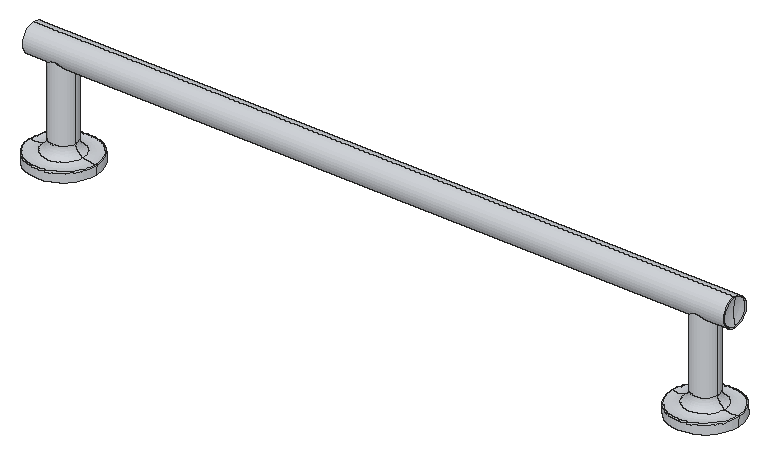
Revit family "Accessory-Towel_Bar-KOHLER-Purist-K-14435", category Generic Models, host Face, Revit 2015
Parameters (values of type "CP-Polished Chrome")
  Width = 1 7/8"  # constant formula
  URL = "https://www.us.kohler.com/us/"
  Type = 1
  Product Page URL = "http://www.us.kohler.com/us/catalog/productDetails.jsp?productNumber=14435"
  Product Name = "Purist"  # constant formula
  Product Documentation Link = "http://www.us.kohler.com/onlinecatalog/pdf/K-14435_spec.pdf"
  Model = if(Type = 1, "K-14435-CP", if(Type = 2, "K-14435-SN", if(Type = 3, "K-14435-BGD", if(Type = 4, "K-14435-BN", if(Type = 5, "K-14435-BV", if(Type = 6, "K-14435-RGD", "NA"))))))  # "K-14435-CP"
  Material = "Solid Brass Construction"  # constant formula
  MasterFormat 2004 = "10.28.13"  # constant formula
  MasterFormat 1995 = "10820"  # constant formula
  Manufacturer Address = "444 Highland Dr, Kohler, WI 53044"  # constant formula
  Manufacturer = "KOHLER Co."  # constant formula
  Length = 19 7/8"  # constant formula
  Height = 3 7/32"  # constant formula
  Finish = Kohler-Metal-CP-Polished_Chrome
  Environmental Product Declaration = ""
  Description = "18inch towel bar"  # constant formula
  Default Elevation = 42"
  Declare Label = ""
  Date Modified = "11/22/2017"  # constant formula
  Date Created = "11/22/2017"  # constant formula
  Copyright = "Copyright KOHLER Co."  # constant formula
  Contact Us = "https://www.us.kohler.com/us/static/contact.jsp"
  Assembly Code = "C1030200"
  ADA = no
Types (7): name | Type | Model | Finish
  (no name) | 1 | "K-14435-CP" | Kohler-Metal-CP-Polished_Chrome
  CP-Polished Chrome | 1 | "K-14435-CP" | Kohler-Metal-CP-Polished_Chrome
  SN-Vibrant Polished Nickel | 2 | "K-14435-SN" | Kohler-Metal-SN-Vibrant_Polished_Nickel
  BGD-Vibrant Moderne Brushed Gold | 3 | "K-14435-BGD" | Kohler-Metal-BGD-Vibrant_Moderne_Brushed_Gold
  BN-Vibrant Brushed Nickel | 4 | "K-14435-BN" | Kohler-Metal-BN-Vibrant_Brushed_Nickel
  BV-Vibrant Brushed Bronze | 5 | "K-14435-BV" | Kohler-Metal-BV-Brushed_Bronze
  RGD-Vibrant Rose Gold | 6 | "K-14435-RGD" | Kohler-Metal-RGD-Polished_Rose_Gold
Reference planes (in)
  plane 1 "Center (Front/Back)": y = 0
  plane 2: z = 0
  plane 3 "Center (Left/Right)": x = 0
  plane 4: y = 0.94488
  plane 5: x = -9.94488
  plane 6: x = 9.93012
  plane 7: y = -0.93012
  plane 8: z = 3.21875
Dimensions and locks (in)
  "Width": plane 7 to plane 4
  "Length": plane 5 to plane 6
  "Height": plane 8 to level
  aligned and locked: plane 2 to host face
  aligned and locked: level to host face
Automatic sketch dimensions
  host sketch curve to host sketch curve = 96"  (x2)
Nested families (in)
  nested 1: "K-14435" at (0, 0, 0), type "K-14435"
Definition of nested family "K-14435"
  Parameters (values of type "K-14435")
    Material = none
    Half Length1 = Half Length + 199/256"  # 9 199/256"
    Half Length = 9"
  Reference planes (in)
    plane 1 "Center (Front/Back)": y = 0
    plane 2: z = 0
    plane 3 "Center (Left/Right)": x = 0
  Forms (in)
    Revolve 1, solid, material <- "Material"
      sketch origin (0, 0, 0) x (1, 0, 0) y (0, 0, 1)
        loop
          line (-9, 0) -> (-9, 2.73517) -> (-9.35433, 2.73517) -> (-9.35433, 0.58856)
          arc (-9.35433, 0.58856) -> (-9.40673, 0.41139) -> (-9.54706, 0.29121) r 0.32574
          arc (-9.54706, 0.29121) -> (-9.73143, 0.24256) -> (-9.92168, 0.25538) r 0.58881
          arc (-9.92168, 0.25538) -> (-9.93773, 0.25179) -> (-9.94488, 0.23698) r 0.01889
          line (-9.94488, 0.23698) -> (-9.94488, 0) -> (-9, 0)
        axis (-9, 2.73517) -> (-9, 0)
      angle from 0 to 360
    Revolve 2, solid, material <- "Material"
      sketch origin (0, 0, 0) x (-1, 0, 0) y (0, 0, 1)
        loop
          line (-9, 0) -> (-9, 2.73517) -> (-9.35433, 2.73517) -> (-9.35433, 0.58856)
          arc (-9.35433, 0.58856) -> (-9.40673, 0.41139) -> (-9.54706, 0.29121) r 0.32574
          arc (-9.54706, 0.29121) -> (-9.73143, 0.24256) -> (-9.92168, 0.25538) r 0.58881
          arc (-9.92168, 0.25538) -> (-9.93773, 0.25179) -> (-9.94488, 0.23698) r 0.01889
          line (-9.94488, 0.23698) -> (-9.94488, 0) -> (-9, 0)
        axis (-9, 2.73517) -> (-9, 0)
      angle from 0 to 360
    Revolve 3, solid, material <- "Material"
      sketch origin (0, 0, 0) x (1, 0, 0) y (0, 0, 1)
        loop
          line (-9.82816, 3.22695) -> (-9.82816, 3.19616)
          arc (-9.82816, 3.19616) -> (-9.79011, 3.01648) -> (-9.77734, 2.83325) r 1.32131
          line (-9.77734, 2.83325) -> (9.77734, 2.83325)
          arc (9.77734, 2.83325) -> (9.79011, 3.01648) -> (9.82816, 3.19616) r 1.32131
          line (9.82816, 3.19616) -> (9.82816, 3.22695) -> (-9.82816, 3.22695)
        axis (9.82816, 2.83325) -> (-9.82816, 2.83325)
      angle from 0 to 360
  Cuts and joins
    joined: Revolve 1, Revolve 2, Revolve 3
  Lines and regions (in)
    Masking region 1
      outline origin (0, 0, 0) x (1, 0, 0) y (0, 0, 1)
        loop
          line (-9.82816, 3.22695) -> (-9.82816, 2.43955) -> (-9.35433, 2.43955) -> (-9.35433, 0.59248)
          arc (-9.35433, 0.59248) -> (-9.45292, 0.35447) -> (-9.69093, 0.25588) r 0.3366
          line (-9.69093, 0.25588) -> (-9.92531, 0.25588)
          arc (-9.92531, 0.25588) -> (-9.93915, 0.25015) -> (-9.94488, 0.23631) r 0.01957
          line (-9.94488, 0.23631) -> (-9.94488, 0) -> (-8.05512, 0) -> (-8.05512, 0.23631)
          arc (-8.05512, 0.23631) -> (-8.06085, 0.25015) -> (-8.07469, 0.25588) r 0.01957
          line (-8.07469, 0.25588) -> (-8.30907, 0.25588)
          arc (-8.30907, 0.25588) -> (-8.54708, 0.35447) -> (-8.64567, 0.59248) r 0.3366
          line (-8.64567, 0.59248) -> (-8.64567, 2.43955) -> (8.64567, 2.43955) -> (8.64567, 0.59248)
          arc (8.64567, 0.59248) -> (8.54708, 0.35447) -> (8.30907, 0.25588) r 0.3366
          line (8.30907, 0.25588) -> (8.07469, 0.25588)
          arc (8.07469, 0.25588) -> (8.06085, 0.25015) -> (8.05512, 0.23631) r 0.01957
          line (8.05512, 0.23631) -> (8.05512, 0) -> (9.94488, 0) -> (9.94488, 0.23631)
          arc (9.94488, 0.23631) -> (9.93915, 0.25015) -> (9.92531, 0.25588) r 0.01957
          line (9.92531, 0.25588) -> (9.69093, 0.25588)
          arc (9.69093, 0.25588) -> (9.45292, 0.35447) -> (9.35433, 0.59248) r 0.3366
          line (9.35433, 0.59248) -> (9.35433, 2.43955) -> (9.82816, 2.43955) -> (9.82816, 3.22695) -> (-9.82816, 3.22695)
    Masking region 2
      outline origin (0, 0, 0) x (0, 1, 0) y (0, 0, 1)
        loop
          line (-0.94488, 0) -> (0.94488, 0) -> (0.94488, 0.23572)
          arc (0.94488, 0.23572) -> (0.93902, 0.24987) -> (0.92487, 0.25573) r 0.02002
          line (0.92487, 0.25573) -> (0.69127, 0.25573)
          arc (0.69127, 0.25573) -> (0.45302, 0.35442) -> (0.35433, 0.59268) r 0.33694
          line (0.35433, 0.59268) -> (0.35433, 2.66164)
          arc (0.35433, 2.66164) -> (0, 3.22695) -> (-0.35433, 2.66164) r 0.3937
          line (-0.35433, 2.66164) -> (-0.35433, 0.59268)
          arc (-0.35433, 0.59268) -> (-0.45302, 0.35442) -> (-0.69127, 0.25573) r 0.33694
          line (-0.69127, 0.25573) -> (-0.92487, 0.25573)
          arc (-0.92487, 0.25573) -> (-0.93902, 0.24987) -> (-0.94488, 0.23572) r 0.02002
          line (-0.94488, 0.23572) -> (-0.94488, 0)
    Masking region 3
      outline origin (0, 0, 0) x (1, 0, 0) y (0, 1, 0)
        loop
          line (-8.14105, -0.3937) -> (8.14105, -0.3937)
          arc (8.14105, -0.3937) -> (9.94488, 0) -> (8.14105, 0.3937) r 0.94488
          line (8.14105, 0.3937) -> (-8.14105, 0.3937)
          arc (-8.14105, 0.3937) -> (-9.94488, 0) -> (-8.14105, -0.3937) r 0.94488
    symbolic lines, detail levels medium+fine
      curve 1: line (-8.64567, 0, 2.43955) -> (-9.35433, 0, 2.43955)
      curve 2: line (8.64567, 0, 2.43955) -> (9.35433, 0, 2.43955)
      curve 3: line (-9.69093, 0, 0.25588) -> (-8.30907, 0, 0.25588)
      curve 4: line (8.30907, 0, 0.25588) -> (9.69093, 0, 0.25588)
      curve 5: circle (0, 0, 2.83325) r 0.36291 normal (1, 0, 0)
      curve 6: line (0, 0.69127, 0.25573) -> (0, -0.69127, 0.25573)
      curve 7: arc (0, 0.35433, 2.66164) -> (0, -0.01064, 2.43969) -> (0, -0.36309, 2.68104) r 0.3937
      curve 8: line (-9.82816, 0.3937, 0) -> (-9.82816, -0.3937, 0)
      curve 9: line (9.82816, 0.3937, 0) -> (9.82816, -0.3937, 0)
      curve 10: line (-9.82816, 0.3937, 0) -> (-8.14105, 0.3937, 0)
      curve 11: line (9.82816, 0.3937, 0) -> (8.14105, 0.3937, 0)
      curve 12: line (-9.82816, -0.3937, 0) -> (-8.14105, -0.3937, 0)
      curve 13: line (9.82816, -0.3937, 0) -> (8.14105, -0.3937, 0)
  Dimensions and locks (in)
    "Half Length": Revolve 1 sketch curve to plane 3 "Center (Left/Right)"
    "Half Length": Revolve 2 sketch curve to plane 3 "Center (Left/Right)"
    "Half Length1": plane 3 "Center (Left/Right)" to Revolve 3 sketch curve
    equal spacing: Revolve 3 sketch curve, plane 3 "Center (Left/Right)", Revolve 3 sketch curve
    aligned and locked: plane 2 to level
    aligned and locked: Revolve 1 sketch curve to Revolve 1 sketch curve  (x2)
    aligned and locked: Revolve 2 sketch curve to Revolve 2 sketch curve  (x2)
    aligned and locked: Masking region 1 sketch curve to cut or joined group of Revolve 1, Revolve 2, Revolve 3  (x9)
    aligned and locked: curve 3 to Masking region 1  (x2)
    aligned and locked: curve 4 to Masking region 1  (x2)
    aligned and locked: Masking region 3 sketch curve to cut or joined group of Revolve 1, Revolve 2, Revolve 3  (x2)
    aligned and locked: curve 8 to cut or joined group of Revolve 1, Revolve 2, Revolve 3
    aligned and locked: curve 9 to cut or joined group of Revolve 1, Revolve 2, Revolve 3
    aligned and locked: curve 10 to Masking region 3
    aligned and locked: curve 11 to Masking region 3
  Automatic sketch dimensions
    Revolve 1 sketch curve to level = 0"
    Revolve 1 sketch curve to Revolve 1 sketch curve = 0.35433"
    Revolve 1 sketch curve to Revolve 1 sketch curve = 0.32574"
    Revolve 1 sketch curve to Revolve 1 sketch curve = 0.10742"
    Revolve 1 sketch curve to Revolve 1 sketch curve = 0.24591"
    Revolve 1 sketch curve to Revolve 1 sketch curve = 0.01889"
    level to Revolve 1 sketch curve = 0.23698"
    Revolve 1 sketch curve to Revolve 1 sketch curve = 45/128"
    Revolve 1 sketch curve to Revolve 1 sketch curve = 0.24014"
    Revolve 1 sketch curve to Revolve 1 sketch curve = 1.90647"
    Revolve 1 sketch curve to Revolve 1 sketch curve = 0"
    Revolve 1 sketch curve to level = 1/2"
    Revolve 2 sketch curve to level = 0"
    Revolve 2 sketch curve to Revolve 2 sketch curve = 0.35433"
    Revolve 2 sketch curve to Revolve 2 sketch curve = 0.32574"
    Revolve 2 sketch curve to Revolve 2 sketch curve = 0.10742"
    Revolve 2 sketch curve to Revolve 2 sketch curve = 0.24591"
    Revolve 2 sketch curve to Revolve 2 sketch curve = 0.01889"
    Revolve 2 sketch curve to level = 0.23698"
    Revolve 2 sketch curve to Revolve 2 sketch curve = 45/128"
    Revolve 2 sketch curve to Revolve 2 sketch curve = 0.24014"
    Revolve 2 sketch curve to Revolve 2 sketch curve = 1.90647"
    Revolve 2 sketch curve to Revolve 2 sketch curve = 0"
    level to Revolve 2 sketch curve = 1/2"
    Revolve 3 sketch curve to Revolve 3 sketch curve = 0.05082"  (x2)
    Revolve 3 sketch curve to Revolve 3 sketch curve = 1.32131"  (x2)
    level to Revolve 3 sketch curve = 2.83325"
    Revolve 3 sketch curve to Revolve 3 sketch curve = 0.03079"
    Revolve 3 sketch curve to Revolve 3 sketch curve = 0.436"
    Revolve 3 sketch curve to Revolve 3 sketch curve = 0"  (x2)
    Masking region 1 sketch curve to Masking region 1 sketch curve = 0.01957"  (x4)
    Masking region 1 sketch curve to Masking region 1 sketch curve = 0.3366"  (x4)
    Masking region 1 sketch curve to Masking region 1 sketch curve = 15/64"  (x3)
    Masking region 1 sketch curve to Masking region 1 sketch curve = 1.77304"
    Masking region 1 sketch curve to Masking region 1 sketch curve = 0.47383"
    Masking region 1 sketch curve to Masking region 1 sketch curve = 0.23631"  (x4)
    Masking region 1 sketch curve to Masking region 1 sketch curve = 0.7874"
    Masking region 1 sketch curve to Masking region 1 sketch curve = 0"
    curve 3 to curve 1 = 0.3366"
    curve 1 to curve 1 = 0.70866"
    curve 3 to curve 3 = 1.38186"
    curve 4 to curve 2 = 0.3366"
    curve 2 to curve 2 = 0.70866"
    curve 4 to curve 4 = 1.38186"
    curve 4 to curve 2 = 2.18367"
    curve 3 to curve 1 = 2.18367"
    Masking region 2 sketch curve to level = 0"
    Masking region 2 sketch curve to plane 1 "Center (Front/Back)" = 0"
    plane 1 "Center (Front/Back)" to Masking region 2 sketch curve = 0.35433"
    level to Masking region 2 sketch curve = 0.25573"  (x2)
    Masking region 2 sketch curve to Masking region 2 sketch curve = 0.33694"  (x2)
    Masking region 2 sketch curve to Masking region 2 sketch curve = 0.23359"  (x2)
    Masking region 2 sketch curve to Masking region 2 sketch curve = 0.02002"  (x2)
    Masking region 2 sketch curve to plane 1 "Center (Front/Back)" = 0.35433"
    Masking region 2 sketch curve to Masking region 2 sketch curve = 2.06896"
    Masking region 2 sketch curve to Masking region 2 sketch curve = 0.17161"
    curve 5 to curve 7 = 0"  (x2)
    curve 7 to plane 1 "Center (Front/Back)" = 0"
    level to curve 7 = 2.83325"
    plane 1 "Center (Front/Back)" to curve 7 = 0.36309"
    level to curve 6 = 0.25573"
    plane 1 "Center (Front/Back)" to curve 6 = 0.69127"
    curve 7 to plane 1 "Center (Front/Back)" = 0.35433"
    curve 6 to plane 1 "Center (Front/Back)" = 0.69127"
    curve 7 to curve 5 = 0.15221"
    Masking region 3 sketch curve to plane 1 "Center (Front/Back)" = 0.3937"
    plane 1 "Center (Front/Back)" to Masking region 3 sketch curve = 0.3937"
    plane 1 "Center (Front/Back)" to curve 12 = 0.3937"
    curve 8 to curve 10 = 1.68711"
    curve 12 to curve 10 = 0"
    plane 1 "Center (Front/Back)" to curve 13 = 0.3937"
    curve 13 to curve 9 = 1.68711"
    curve 11 to curve 13 = 0"
    radius of curve 5 = 0.36291"
